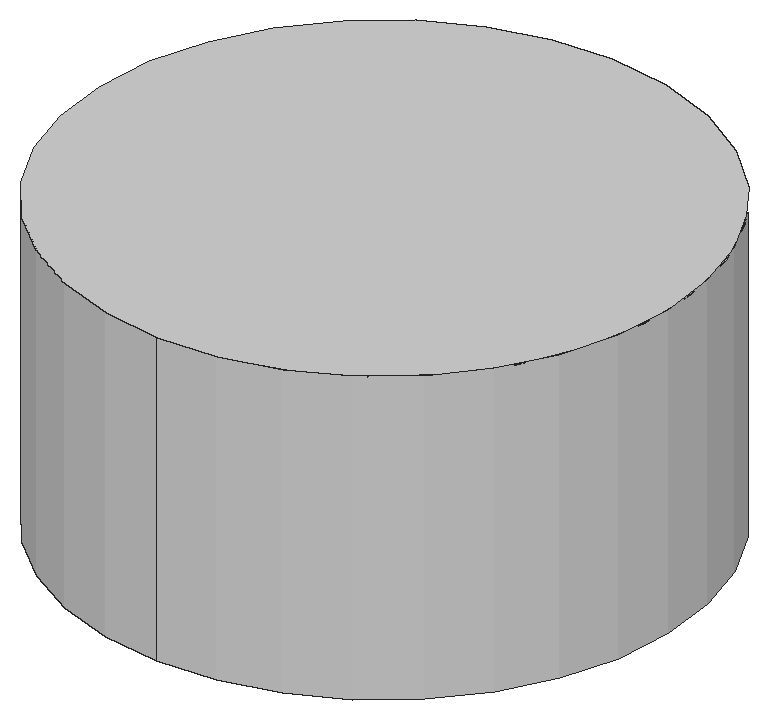
Revit family "Lum_Teto_Spot_Embutido", category Lighting Fixtures, host Ceiling, Revit 2025
Family settings
  Host = Ceiling
  Round Connector Dimension = Use Diameter
  Part Type = Normal
  OmniClass Number = 23.80.70.11
  OmniClass Title = Luminaries for Internal Lighting
  Always vertical = Yes
  Cut with Voids When Loaded = Yes
  Light Source = Yes
  Maintain Annotation Orientation = No
  Shared = No
  Room Calculation Point = No
Parameters (values of type "Luminária_Spot_Embutido")
  Wattage = 9.2903 W
  built-in parameter 1150110 = 1 (stored number, unit not read)
  built-in parameter 1114217 = 1 (stored number, unit not read)
  built-in parameter 1150109 = 1 (stored number, unit not read)
  Lumi_Material = CT_Luminaria
  Lumi_Raio_Interno = Lumi_Raio * 0.95  # 51.3 mm
  Lumi_Raio = 54 mm
  Lumi_Altura_Resalto = 12 mm
  Lumi_Altura_Embutida = 45 mm
  Default Elevation = 0 mm
  built-in parameter 1150134 = (empty or 0)
  built-in parameter 1150113 = 1 (stored number, unit not read)
  Lumens = 1380 lm
  built-in parameter 1150115 = 1 (stored number, unit not read)
  built-in parameter 1150105 = 439.27 (stored number, unit not read)
  Light Source Symbol Size = Lumi_Raio_Interno * 2  # 102.6 mm
  built-in parameter 1150137 = (empty or 0)
  built-in parameter 1150139 = (empty or 0)
  built-in parameter 1150112 = 1 (stored number, unit not read)
  built-in parameter 1150114 = 1 (stored number, unit not read)
  built-in parameter 1150132 = 2
  built-in parameter 1150102 = (empty or 0)
  built-in parameter 1150138 = (empty or 0)
  built-in parameter 1150107 = 3000 (stored number, unit not read)
  built-in parameter 1150106 = 4.3927 (stored number, unit not read)
  built-in parameter 1150104 = 13.8 (stored number, unit not read)
  Dimming Lamp Color Temperature Shift = <None>
  Color Filter = 16777215
  built-in parameter 1114218 = 1 (stored number, unit not read)
  built-in parameter 1150133 = 10 (stored number, unit not read)
Reference planes
  plane 1 "Eixo de origem da luz (F/T)": y = 0
  plane 2: z = 0
  plane 3 "Eixo de origem da luz (E/D)": x = 0
  plane 4 "Forro": z = 4000
  plane 5 "Elevação da origem da luz": z = 3988
  plane 6: z = 4045
Forms (mm)
  Extrusion 1, solid, material "CT_Luminaria" <- "Lumi_Material"
    sketch origin (0, 0, 4000) x (0, 1, 0) y (-1, 0, 0)
      loop
        circle (0, 0) r 54
    from 45 to -10
Lines and regions (mm)
  Opening 1
    outline origin (0, 0, 4000) x (1, 0, 0) y (0, 1, 0)
      loop
        circle (0, 0) r 54
Dimensions and locks
  equal spacing: host sketch curve, plane 3 "Eixo de origem da luz (E/D)", host sketch curve
  equal spacing: host sketch curve, plane 1 "Eixo de origem da luz (F/T)", host sketch curve
  host sketch curve to host sketch curve = 4000 mm  (x2)
  plane 4 "Forro" to host ceiling = 0 mm
  "Lumi_Altura_Resalto": plane 5 "Elevação da origem da luz" to plane 4 "Forro"
  "Lumi_Altura_Embutida": plane 6 to plane 4 "Forro"
  "Lumi_Raio": radius of Extrusion 1 sketch curve
  aligned and locked: plane 3 "Eixo de origem da luz (E/D)" to imposter light
  aligned and locked: plane 1 "Eixo de origem da luz (F/T)" to imposter light
  aligned and locked: plane 5 "Elevação da origem da luz" to imposter light
  aligned and locked: plane 6 to Extrusion 1
  aligned and locked: Opening 1 sketch curve to Extrusion 1
Automatic sketch dimensions
  plane 1 "Eixo de origem da luz (F/T)" to Extrusion 1 sketch curve = 0 mm
  Extrusion 1 sketch curve to plane 3 "Eixo de origem da luz (E/D)" = 0 mm
